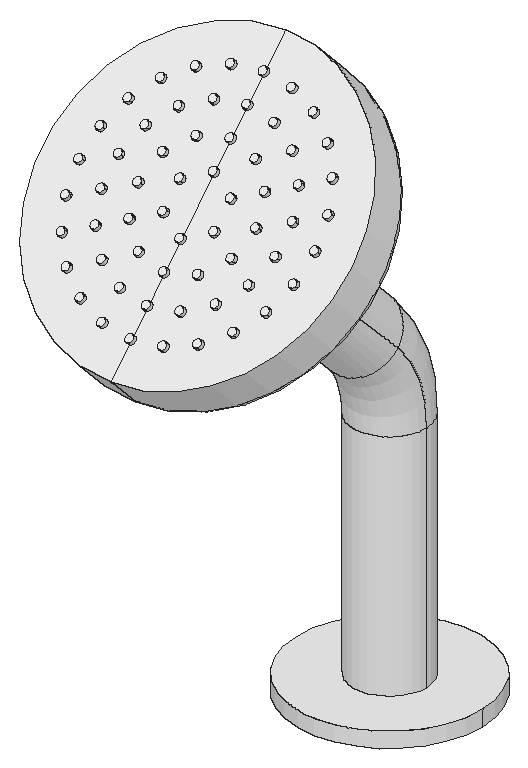
Revit family "CL10056-C3A_CLARK ROUND BASICS FIXED SHOWER", category Plumbing Fixtures, host Face, Revit 2015
Parameters (values of type "CLARK ROUND BASICS FIXED SHOWER")
  Waste Connection = no
  Vent Connection = no
  URL = "https://www.clark.com.au/"
  Model = "CL10056.C3A"
  Material_Base = GWA_Metal-Chrome
  Manufacturer = "GWA Bathrooms & Kitchens"  # constant formula
  HW Connection = no
  Description = "CLARK ROUND BASICS FIXED SHOWER"
  Default Elevation = 0 mm
  CreatedBy_ANZRS = "GWA Bathrooms & Kitchens"  # constant formula
  CW Connection = no
  Assembly Code = "D2010710"
Reference planes
  plane 1 "Center (Front/Back)": y = 0
  plane 2: z = 0
  plane 3 "Center (Left/Right)": x = 0
  plane 4 "nozzels": through (0, -41.861, 209.071) normal (0, 0.7071, -0.7071)
Forms (mm)
  Extrusion 1, solid, material "GWA_Metal-Chrome" <- "Material_Base"
    sketch origin (0, 0, 0) x (1, 0, 0) y (0, 1, 0)
      loop
        circle (0, 0) r 30
    from 0 to 5
  Sweep 2, solid, material "GWA_Metal-Chrome" <- "Material_Base"
    path origin (0, 0, 0) x (0, 1, 0) y (0, 0, 1)
      loop
        line (0, 5) -> (0, 79.931)
        arc (0, 79.931) -> (-3.045, 95.239) -> (-11.716, 108.216) r 40
        line (-11.716, 108.216) -> (-30.476, 126.976)
    profile origin (0, 0, 42.466) x (0, -1, 0) y (1, 0, 0)
      loop
        circle (0, 0) r 12
  Revolve 3, solid, material "GWA_Metal-Chrome" <- "Material_Base"
    sketch origin (0, 0, 0) x (0, 1, 0) y (0, 0, 1)
      loop
        line (-30.476, 126.976) -> (-22.698, 134.754) -> (-31.961, 144.018) -> (-33.729, 142.25) -> (-36.557, 145.078)
        arc (-36.557, 145.078) -> (-36.539, 147.696) -> (-37.025, 150.267) r 13.5
        line (-37.025, 150.267) -> (-45.396, 141.896) -> (-30.476, 126.976)
      axis (-45.396, 141.896) -> (-30.476, 126.976)
    angle from 0 to 360
  Revolve 4, solid, material "GWA_Metal-Chrome" <- "Material_Base"
    sketch origin (0, 0, 0) x (0, 1, 0) y (0, 0, 1)
      loop
        line (-45.396, 141.896) -> (-33.375, 153.917)
        arc (-33.375, 153.917) -> (-32.79, 155.331) -> (-33.375, 156.745) r 2
        line (-33.375, 156.745) -> (-46.723, 170.093)
        arc (-46.723, 170.093) -> (-47.298, 171.301) -> (-46.983, 172.601) r 2
        line (-46.983, 172.601) -> (-31.435, 196.398)
        arc (-31.435, 196.398) -> (-31.12, 197.698) -> (-31.695, 198.906) r 2
        line (-31.695, 198.906) -> (-41.861, 209.071) -> (-77.216, 173.716) -> (-45.396, 141.896)
      axis (-77.216, 173.716) -> (-45.396, 141.896)
    angle from 0 to 360
  Extrusion 5, solid, material "GWA_Metal-Chrome" <- "Material_Base"
    sketch origin (0, -118.749, 132.184) x (0, 0.707107, 0.707107) y (1, 0, 0)
      loop
        circle (68.236, 0) r 1.25
    from 0 to -1
  Extrusion 6, solid, material "GWA_Metal-Chrome" <- "Material_Base"
    sketch origin (0, -112.031, 138.901) x (0, 0.707107, 0.707107) y (1, 0, 0)
      loop
        circle (68.236, 0) r 1.25
    from 0 to -1
  Extrusion 7, solid, material "GWA_Metal-Chrome" <- "Material_Base"
    sketch origin (13.59, -103.619, 147.313) x (-0.34202, 0.664463, 0.664463) y (0.939693, 0.241845, 0.241845)
      loop
        circle (68.236, 0) r 1.25
    from 0 to -1
  Extrusion 8, solid, material "GWA_Metal-Chrome" <- "Material_Base"
    sketch origin (0, -98.596, 152.336) x (0, 0.707107, 0.707107) y (1, 0, 0)
      loop
        circle (68.236, 0) r 1.25
    from 0 to -1
  Extrusion 9, solid, material "GWA_Metal-Chrome" <- "Material_Base"
    sketch origin (50.867, -97.982, 152.95) x (-0.866025, 0.353553, 0.353553) y (0.5, 0.612372, 0.612372)
      loop
        circle (68.236, 0) r 1.25
    from 0 to -1
  Extrusion 10, solid, material "GWA_Metal-Chrome" <- "Material_Base"
    sketch origin (42.639, -94.624, 156.309) x (-0.866025, 0.353553, 0.353553) y (0.5, 0.612372, 0.612372)
      loop
        circle (68.236, 0) r 1.25
    from 0 to -1
  Extrusion 11, solid, material "GWA_Metal-Chrome" <- "Material_Base"
    sketch origin (39.132, -82.095, 168.837) x (-0.984808, 0.122788, 0.122788) y (0.173648, 0.696364, 0.696364)
      loop
        circle (68.236, 0) r 1.25
    from 0 to -1
  Extrusion 12, solid, material "GWA_Metal-Chrome" <- "Material_Base"
    sketch origin (26.185, -87.906, 163.026) x (-0.866025, 0.353553, 0.353553) y (0.5, 0.612372, 0.612372)
      loop
        circle (68.236, 0) r 1.25
    from 0 to -1
  Extrusion 13, solid, material "GWA_Metal-Chrome" <- "Material_Base"
    sketch origin (50.867, -56.45, 194.482) x (-0.866025, -0.353553, -0.353553) y (-0.5, 0.612372, 0.612372)
      loop
        circle (68.236, 0) r 1.25
    from 0 to -1
  Extrusion 14, solid, material "GWA_Metal-Chrome" <- "Material_Base"
    sketch origin (42.639, -59.809, 191.124) x (-0.866025, -0.353553, -0.353553) y (-0.5, 0.612372, 0.612372)
      loop
        circle (68.236, 0) r 1.25
    from 0 to -1
  Extrusion 15, solid, material "GWA_Metal-Chrome" <- "Material_Base"
    sketch origin (25.542, -55.692, 195.24) x (-0.642788, -0.541675, -0.541675) y (-0.766044, 0.454519, 0.454519)
      loop
        circle (68.236, 0) r 1.25
    from 0 to -1
  Extrusion 16, solid, material "GWA_Metal-Chrome" <- "Material_Base"
    sketch origin (26.185, -66.526, 184.406) x (-0.866025, -0.353553, -0.353553) y (-0.5, 0.612372, 0.612372)
      loop
        circle (68.236, 0) r 1.25
    from 0 to -1
  Extrusion 17, solid, material "GWA_Metal-Chrome" <- "Material_Base"
    sketch origin (0, -35.684, 215.249) x (0, -0.707107, -0.707107) y (-1, 0, 0)
      loop
        circle (68.236, 0) r 1.25
    from 0 to -1
  Extrusion 18, solid, material "GWA_Metal-Chrome" <- "Material_Base"
    sketch origin (0, -42.401, 208.531) x (0, -0.707107, -0.707107) y (-1, 0, 0)
      loop
        circle (68.236, 0) r 1.25
    from 0 to -1
  Extrusion 19, solid, material "GWA_Metal-Chrome" <- "Material_Base"
    sketch origin (-13.59, -50.813, 200.119) x (0.34202, -0.664463, -0.664463) y (-0.939693, -0.241845, -0.241845)
      loop
        circle (68.236, 0) r 1.25
    from 0 to -1
  Extrusion 20, solid, material "GWA_Metal-Chrome" <- "Material_Base"
    sketch origin (0, -55.836, 195.096) x (0, -0.707107, -0.707107) y (-1, 0, 0)
      loop
        circle (68.236, 0) r 1.25
    from 0 to -1
  Extrusion 21, solid, material "GWA_Metal-Chrome" <- "Material_Base"
    sketch origin (-50.867, -56.45, 194.482) x (0.866025, -0.353553, -0.353553) y (-0.5, -0.612372, -0.612372)
      loop
        circle (68.236, 0) r 1.25
    from 0 to -1
  Extrusion 22, solid, material "GWA_Metal-Chrome" <- "Material_Base"
    sketch origin (-42.639, -59.809, 191.124) x (0.866025, -0.353553, -0.353553) y (-0.5, -0.612372, -0.612372)
      loop
        circle (68.236, 0) r 1.25
    from 0 to -1
  Extrusion 23, solid, material "GWA_Metal-Chrome" <- "Material_Base"
    sketch origin (-39.132, -72.337, 178.595) x (0.984808, -0.122788, -0.122788) y (-0.173648, -0.696364, -0.696364)
      loop
        circle (68.236, 0) r 1.25
    from 0 to -1
  Extrusion 24, solid, material "GWA_Metal-Chrome" <- "Material_Base"
    sketch origin (-26.185, -66.526, 184.406) x (0.866025, -0.353553, -0.353553) y (-0.5, -0.612372, -0.612372)
      loop
        circle (68.236, 0) r 1.25
    from 0 to -1
  Extrusion 25, solid, material "GWA_Metal-Chrome" <- "Material_Base"
    sketch origin (-50.867, -97.982, 152.95) x (0.866025, 0.353553, 0.353553) y (0.5, -0.612372, -0.612372)
      loop
        circle (68.236, 0) r 1.25
    from 0 to -1
  Extrusion 26, solid, material "GWA_Metal-Chrome" <- "Material_Base"
    sketch origin (-42.639, -94.624, 156.309) x (0.866025, 0.353553, 0.353553) y (0.5, -0.612372, -0.612372)
      loop
        circle (68.236, 0) r 1.25
    from 0 to -1
  Extrusion 27, solid, material "GWA_Metal-Chrome" <- "Material_Base"
    sketch origin (-25.542, -98.74, 152.192) x (0.642788, 0.541675, 0.541675) y (0.766044, -0.454519, -0.454519)
      loop
        circle (68.236, 0) r 1.25
    from 0 to -1
  Extrusion 28, solid, material "GWA_Metal-Chrome" <- "Material_Base"
    sketch origin (-26.185, -87.906, 163.026) x (0.866025, 0.353553, 0.353553) y (0.5, -0.612372, -0.612372)
      loop
        circle (68.236, 0) r 1.25
    from 0 to -1
  Extrusion 29, solid, material "GWA_Metal-Chrome" <- "Material_Base"
    sketch origin (24.618, -107.367, 143.565) x (-0.5, 0.612372, 0.612372) y (0.866025, 0.353553, 0.353553)
      loop
        circle (68.236, 0) r 1.25
    from 0 to -1
  Extrusion 30, solid, material "GWA_Metal-Chrome" <- "Material_Base"
    sketch origin (49.236, -77.216, 173.716) x (-1, 0, 0) y (0, 0.707107, 0.707107)
      loop
        circle (68.236, 0) r 1.25
    from 0 to -1
  Extrusion 31, solid, material "GWA_Metal-Chrome" <- "Material_Base"
    sketch origin (24.618, -47.065, 203.867) x (-0.5, -0.612372, -0.612372) y (-0.866025, 0.353553, 0.353553)
      loop
        circle (68.236, 0) r 1.25
    from 0 to -1
  Extrusion 32, solid, material "GWA_Metal-Chrome" <- "Material_Base"
    sketch origin (-24.618, -47.065, 203.867) x (0.5, -0.612372, -0.612372) y (-0.866025, -0.353553, -0.353553)
      loop
        circle (68.236, 0) r 1.25
    from 0 to -1
  Extrusion 33, solid, material "GWA_Metal-Chrome" <- "Material_Base"
    sketch origin (-49.236, -77.216, 173.716) x (1, 0, 0) y (0, -0.707107, -0.707107)
      loop
        circle (68.236, 0) r 1.25
    from 0 to -1
  Extrusion 34, solid, material "GWA_Metal-Chrome" <- "Material_Base"
    sketch origin (-24.618, -107.367, 143.565) x (0.5, 0.612372, 0.612372) y (0.866025, -0.353553, -0.353553)
      loop
        circle (68.236, 0) r 1.25
    from 0 to -1
  Extrusion 35, solid, material "GWA_Metal-Chrome" <- "Material_Base"
    sketch origin (0, -105.314, 145.619) x (0, 0.707107, 0.707107) y (1, 0, 0)
      loop
        circle (68.236, 0) r 1.25
    from 0 to -1
  Extrusion 36, solid, material "GWA_Metal-Chrome" <- "Material_Base"
    sketch origin (34.412, -91.265, 159.667) x (-0.866025, 0.353553, 0.353553) y (0.5, 0.612372, 0.612372)
      loop
        circle (68.236, 0) r 1.25
    from 0 to -1
  Extrusion 37, solid, material "GWA_Metal-Chrome" <- "Material_Base"
    sketch origin (34.412, -63.167, 187.765) x (-0.866025, -0.353553, -0.353553) y (-0.5, 0.612372, 0.612372)
      loop
        circle (68.236, 0) r 1.25
    from 0 to -1
  Extrusion 38, solid, material "GWA_Metal-Chrome" <- "Material_Base"
    sketch origin (0, -49.119, 201.814) x (0, -0.707107, -0.707107) y (-1, 0, 0)
      loop
        circle (68.236, 0) r 1.25
    from 0 to -1
  Extrusion 39, solid, material "GWA_Metal-Chrome" <- "Material_Base"
    sketch origin (-34.412, -63.167, 187.765) x (0.866025, -0.353553, -0.353553) y (-0.5, -0.612372, -0.612372)
      loop
        circle (68.236, 0) r 1.25
    from 0 to -1
  Extrusion 40, solid, material "GWA_Metal-Chrome" <- "Material_Base"
    sketch origin (-34.412, -91.265, 159.667) x (0.866025, 0.353553, 0.353553) y (0.5, -0.612372, -0.612372)
      loop
        circle (68.236, 0) r 1.25
    from 0 to -1
  Extrusion 41, solid, material "GWA_Metal-Chrome" <- "Material_Base"
    sketch origin (25.542, -98.74, 152.192) x (-0.642788, 0.541675, 0.541675) y (0.766044, 0.454519, 0.454519)
      loop
        circle (68.236, 0) r 1.25
    from 0 to -1
  Extrusion 42, solid, material "GWA_Metal-Chrome" <- "Material_Base"
    sketch origin (39.132, -72.337, 178.595) x (-0.984808, -0.122788, -0.122788) y (-0.173648, 0.696364, 0.696364)
      loop
        circle (68.236, 0) r 1.25
    from 0 to -1
  Extrusion 43, solid, material "GWA_Metal-Chrome" <- "Material_Base"
    sketch origin (13.59, -50.813, 200.119) x (-0.34202, -0.664463, -0.664463) y (-0.939693, 0.241845, 0.241845)
      loop
        circle (68.236, 0) r 1.25
    from 0 to -1
  Extrusion 44, solid, material "GWA_Metal-Chrome" <- "Material_Base"
    sketch origin (-25.542, -55.692, 195.24) x (0.642788, -0.541675, -0.541675) y (-0.766044, -0.454519, -0.454519)
      loop
        circle (68.236, 0) r 1.25
    from 0 to -1
  Extrusion 45, solid, material "GWA_Metal-Chrome" <- "Material_Base"
    sketch origin (-39.132, -82.095, 168.837) x (0.984808, 0.122788, 0.122788) y (0.173648, -0.696364, -0.696364)
      loop
        circle (68.236, 0) r 1.25
    from 0 to -1
  Extrusion 46, solid, material "GWA_Metal-Chrome" <- "Material_Base"
    sketch origin (-13.59, -103.619, 147.313) x (0.34202, 0.664463, 0.664463) y (0.939693, -0.241845, -0.241845)
      loop
        circle (68.236, 0) r 1.25
    from 0 to -1
  Extrusion 47, solid, material "GWA_Metal-Chrome" <- "Material_Base"
    sketch origin (7.826, -97.867, 153.065) x (-0.258819, 0.683013, 0.683013) y (0.965926, 0.183013, 0.183013)
      loop
        circle (68.236, 0) r 1.25
    from 0 to -1
  Extrusion 48, solid, material "GWA_Metal-Chrome" <- "Material_Base"
    sketch origin (29.206, -82.75, 168.183) x (-0.965926, 0.183013, 0.183013) y (0.258819, 0.683013, 0.683013)
      loop
        circle (68.236, 0) r 1.25
    from 0 to -1
  Extrusion 49, solid, material "GWA_Metal-Chrome" <- "Material_Base"
    sketch origin (21.38, -62.098, 188.834) x (-0.707107, -0.5, -0.5) y (-0.707107, 0.5, 0.5)
      loop
        circle (68.236, 0) r 1.25
    from 0 to -1
  Extrusion 50, solid, material "GWA_Metal-Chrome" <- "Material_Base"
    sketch origin (-7.826, -56.565, 194.367) x (0.258819, -0.683013, -0.683013) y (-0.965926, -0.183013, -0.183013)
      loop
        circle (68.236, 0) r 1.25
    from 0 to -1
  Extrusion 51, solid, material "GWA_Metal-Chrome" <- "Material_Base"
    sketch origin (-29.206, -71.683, 179.25) x (0.965926, -0.183013, -0.183013) y (-0.258819, -0.683013, -0.683013)
      loop
        circle (68.236, 0) r 1.25
    from 0 to -1
  Extrusion 52, solid, material "GWA_Metal-Chrome" <- "Material_Base"
    sketch origin (-21.38, -92.334, 158.598) x (0.707107, 0.5, 0.5) y (0.707107, -0.5, -0.5)
      loop
        circle (68.236, 0) r 1.25
    from 0 to -1
  Extrusion 53, solid, material "GWA_Metal-Chrome" <- "Material_Base"
    sketch origin (15.118, -95.732, 155.2) x (-0.5, 0.612372, 0.612372) y (0.866025, 0.353553, 0.353553)
      loop
        circle (68.236, 0) r 1.25
    from 0 to -1
  Extrusion 54, solid, material "GWA_Metal-Chrome" <- "Material_Base"
    sketch origin (30.236, -77.216, 173.716) x (-1, 0, 0) y (0, 0.707107, 0.707107)
      loop
        circle (68.236, 0) r 1.25
    from 0 to -1
  Extrusion 55, solid, material "GWA_Metal-Chrome" <- "Material_Base"
    sketch origin (15.118, -58.7, 192.232) x (-0.5, -0.612372, -0.612372) y (-0.866025, 0.353553, 0.353553)
      loop
        circle (68.236, 0) r 1.25
    from 0 to -1
  Extrusion 56, solid, material "GWA_Metal-Chrome" <- "Material_Base"
    sketch origin (-15.118, -58.7, 192.232) x (0.5, -0.612372, -0.612372) y (-0.866025, -0.353553, -0.353553)
      loop
        circle (68.236, 0) r 1.25
    from 0 to -1
  Extrusion 57, solid, material "GWA_Metal-Chrome" <- "Material_Base"
    sketch origin (-30.236, -77.216, 173.716) x (1, 0, 0) y (0, -0.707107, -0.707107)
      loop
        circle (68.236, 0) r 1.25
    from 0 to -1
  Extrusion 58, solid, material "GWA_Metal-Chrome" <- "Material_Base"
    sketch origin (-15.118, -95.732, 155.2) x (0.5, 0.612372, 0.612372) y (0.866025, -0.353553, -0.353553)
      loop
        circle (68.236, 0) r 1.25
    from 0 to -1
  Extrusion 59, solid, material "GWA_Metal-Chrome" <- "Material_Base"
    sketch origin (21.38, -92.334, 158.598) x (-0.707107, 0.5, 0.5) y (0.707107, 0.5, 0.5)
      loop
        circle (68.236, 0) r 1.25
    from 0 to -1
  Extrusion 60, solid, material "GWA_Metal-Chrome" <- "Material_Base"
    sketch origin (29.206, -71.683, 179.25) x (-0.965926, -0.183013, -0.183013) y (-0.258819, 0.683013, 0.683013)
      loop
        circle (68.236, 0) r 1.25
    from 0 to -1
  Extrusion 61, solid, material "GWA_Metal-Chrome" <- "Material_Base"
    sketch origin (7.826, -56.565, 194.367) x (-0.258819, -0.683013, -0.683013) y (-0.965926, 0.183013, 0.183013)
      loop
        circle (68.236, 0) r 1.25
    from 0 to -1
  Extrusion 62, solid, material "GWA_Metal-Chrome" <- "Material_Base"
    sketch origin (-21.38, -62.098, 188.834) x (0.707107, -0.5, -0.5) y (-0.707107, -0.5, -0.5)
      loop
        circle (68.236, 0) r 1.25
    from 0 to -1
  Extrusion 63, solid, material "GWA_Metal-Chrome" <- "Material_Base"
    sketch origin (-29.206, -82.75, 168.183) x (0.965926, 0.183013, 0.183013) y (0.258819, -0.683013, -0.683013)
      loop
        circle (68.236, 0) r 1.25
    from 0 to -1
  Extrusion 64, solid, material "GWA_Metal-Chrome" <- "Material_Base"
    sketch origin (-7.826, -97.867, 153.065) x (0.258819, 0.683013, 0.683013) y (0.965926, -0.183013, -0.183013)
      loop
        circle (68.236, 0) r 1.25
    from 0 to -1
Lines and regions (mm)
  Masking region 1
    outline origin (-136.398, -174.275, 0) x (1, 0, 0) y (0, 1, 0)
      loop
        arc (166.398, 174.275) -> (136.398, 204.275) -> (106.398, 174.275) r 30
        arc (106.398, 174.275) -> (111.299, 157.844) -> (124.398, 146.78) r 30
        line (124.398, 146.78) -> (124.398, 143.799)
        spline (124.398, 143.799) -> (124.4, 143.661) -> (124.405, 143.523) -> (124.413, 143.385) -> (124.424, 143.248) -> (124.438, 143.11) -> (124.455, 142.973) -> (124.476, 142.836) -> (124.5, 142.699) -> (124.526, 142.563) -> (124.556, 142.426) -> (124.59, 142.291) -> (124.626, 142.155)
        spline (124.626, 142.155) -> (119.311, 141.002) -> (114.207, 139.432) -> (109.376, 137.465) -> (104.879, 135.125) -> (100.77, 132.441) -> (97.101, 129.446) -> (93.916, 126.177) -> (91.254, 122.675) -> (89.15, 118.982) -> (87.627, 115.144) -> (86.707, 111.209) -> (86.398, 107.224)
        line (86.398, 107.224) -> (86.398, 97.059)
        spline (86.398, 97.059) -> (86.826, 92.444) -> (88.102, 87.908) -> (90.204, 83.529) -> (93.097, 79.381) -> (96.731, 75.536) -> (101.043, 72.059) -> (105.96, 69.01) -> (111.398, 66.441) -> (117.264, 64.395) -> (123.457, 62.908) -> (129.872, 62.006) -> (136.398, 61.704)
        spline (136.398, 61.704) -> (142.925, 62.006) -> (149.339, 62.908) -> (155.533, 64.395) -> (161.398, 66.441) -> (166.836, 69.01) -> (171.754, 72.059) -> (176.066, 75.536) -> (179.7, 79.381) -> (182.592, 83.529) -> (184.695, 87.908) -> (185.971, 92.444) -> (186.398, 97.059)
        line (186.398, 97.059) -> (186.398, 107.224)
        spline (186.398, 107.224) -> (186.09, 111.209) -> (185.169, 115.144) -> (183.647, 118.982) -> (181.542, 122.675) -> (178.881, 126.177) -> (175.696, 129.446) -> (172.027, 132.441) -> (167.918, 135.125) -> (163.421, 137.465) -> (158.59, 139.432) -> (153.486, 141.002) -> (148.171, 142.155)
        spline (148.171, 142.155) -> (148.207, 142.291) -> (148.24, 142.426) -> (148.27, 142.563) -> (148.297, 142.699) -> (148.321, 142.836) -> (148.341, 142.973) -> (148.359, 143.11) -> (148.373, 143.248) -> (148.384, 143.385) -> (148.392, 143.523) -> (148.397, 143.661) -> (148.398, 143.799)
        line (148.398, 143.799) -> (148.398, 146.78)
        arc (148.398, 146.78) -> (161.498, 157.844) -> (166.398, 174.275) r 30
  Masking region 2
    outline origin (-150, 0, -1084.133) x (1, 0, 0) y (0, 0, 1)
      loop
        line (100, 1257.849) -> (100, 1247.684)
        spline (100, 1247.684) -> (100.308, 1243.693) -> (101.229, 1239.752) -> (102.75, 1235.909) -> (104.854, 1232.211) -> (107.514, 1228.703) -> (110.697, 1225.43) -> (114.365, 1222.43) -> (118.473, 1219.742) -> (122.968, 1217.398) -> (127.797, 1215.428) -> (132.899, 1213.855) -> (138.212, 1212.698)
        spline (138.212, 1212.698) -> (138.179, 1212.567) -> (138.148, 1212.436) -> (138.12, 1212.304) -> (138.095, 1212.172) -> (138.072, 1212.04) -> (138.053, 1211.907) -> (138.037, 1211.775) -> (138.024, 1211.642) -> (138.013, 1211.509) -> (138.006, 1211.375) -> (138.001, 1211.242) -> (138, 1211.109)
        line (138, 1211.109) -> (138, 1089.133) -> (120, 1089.133) -> (120, 1084.133) -> (180, 1084.133) -> (180, 1089.133) -> (162, 1089.133) -> (162, 1211.109)
        spline (162, 1211.109) -> (161.999, 1211.242) -> (161.994, 1211.375) -> (161.987, 1211.509) -> (161.976, 1211.642) -> (161.963, 1211.775) -> (161.947, 1211.907) -> (161.928, 1212.04) -> (161.905, 1212.172) -> (161.88, 1212.304) -> (161.852, 1212.436) -> (161.821, 1212.567) -> (161.788, 1212.698)
        spline (161.788, 1212.698) -> (167.101, 1213.855) -> (172.203, 1215.428) -> (177.032, 1217.398) -> (181.527, 1219.742) -> (185.635, 1222.43) -> (189.303, 1225.43) -> (192.486, 1228.703) -> (195.146, 1232.211) -> (197.25, 1235.909) -> (198.771, 1239.752) -> (199.692, 1243.693) -> (200, 1247.684)
        line (200, 1247.684) -> (200, 1257.849)
        spline (200, 1257.849) -> (199.572, 1262.464) -> (198.296, 1266.999) -> (196.194, 1271.379) -> (193.301, 1275.527) -> (189.668, 1279.372) -> (185.355, 1282.849) -> (180.438, 1285.898) -> (175, 1288.467) -> (169.134, 1290.513) -> (162.941, 1291.999) -> (156.526, 1292.902) -> (150, 1293.204)
        spline (150, 1293.204) -> (143.474, 1292.902) -> (137.059, 1291.999) -> (130.866, 1290.513) -> (125, 1288.467) -> (119.562, 1285.898) -> (114.645, 1282.849) -> (110.332, 1279.372) -> (106.699, 1275.527) -> (103.806, 1271.379) -> (101.704, 1266.999) -> (100.428, 1262.464) -> (100, 1257.849)
  Masking region 3
    outline origin (0, 150, -951.602) x (0, 1, 0) y (0, 0, 1)
      loop
        line (-191.861, 1160.674) -> (-262.571, 1089.963) -> (-252.406, 1079.798)
        arc (-252.406, 1079.798) -> (-251.198, 1079.223) -> (-249.898, 1079.538) r 2
        line (-249.898, 1079.538) -> (-226.101, 1095.085)
        arc (-226.101, 1095.085) -> (-224.801, 1095.4) -> (-223.593, 1094.825) r 2
        line (-223.593, 1094.825) -> (-210.245, 1081.478)
        arc (-210.245, 1081.478) -> (-208.831, 1080.892) -> (-207.417, 1081.478) r 2
        line (-207.417, 1081.478) -> (-203.779, 1085.116)
        arc (-203.779, 1085.116) -> (-201.201, 1084.634) -> (-198.578, 1084.66) r 13.5
        line (-198.578, 1084.66) -> (-195.75, 1081.831) -> (-197.518, 1080.064) -> (-188.254, 1070.8) -> (-188.962, 1070.093) -> (-170.201, 1051.333)
        arc (-170.201, 1051.333) -> (-164.131, 1042.249) -> (-162, 1031.534) r 28
        line (-162, 1031.534) -> (-162, 956.602) -> (-180, 956.602) -> (-180, 951.602) -> (-120, 951.602) -> (-120, 956.602) -> (-138, 956.602) -> (-138, 1031.534)
        arc (-138, 1031.534) -> (-141.958, 1051.433) -> (-153.23, 1068.303) r 52
        line (-153.23, 1068.303) -> (-171.991, 1087.064) -> (-172.698, 1086.357) -> (-181.961, 1095.62) -> (-183.729, 1093.852) -> (-186.557, 1096.681)
        arc (-186.557, 1096.681) -> (-186.539, 1099.298) -> (-187.025, 1101.87) r 13.5
        line (-187.025, 1101.87) -> (-183.375, 1105.519)
        arc (-183.375, 1105.519) -> (-182.79, 1106.934) -> (-183.375, 1108.348) r 2
        line (-183.375, 1108.348) -> (-196.723, 1121.695)
        arc (-196.723, 1121.695) -> (-197.298, 1122.903) -> (-196.983, 1124.203) r 2
        line (-196.983, 1124.203) -> (-181.435, 1148)
        arc (-181.435, 1148) -> (-181.12, 1149.301) -> (-181.695, 1150.508) r 2
        line (-181.695, 1150.508) -> (-191.861, 1160.674)
  symbolic lines
    curve 1: line (-12, 0, 5) -> (12, 0, 5)
    curve 2: arc (30, 0, 0) -> (0, 30, 0) -> (-30, 0, 0) r 30
    curve 3: arc (-30, 0, 0) -> (-25.1, -16.432, 0) -> (-12, -27.495, 0) r 30
    curve 4: arc (12, -27.495, 0) -> (25.1, -16.432, 0) -> (30, 0, 0) r 30
    curve 5: spline (11.37, -27.762, 0) -> (10.335, -26.164, 0) -> (8.856, -24.751, 0) -> (6.998, -23.583, 0) -> (4.839, -22.712, 0) -> (2.473, -22.173, 0) -> (0, -21.991, 0) -> (-2.473, -22.173, 0) -> (-4.839, -22.712, 0) -> (-6.998, -23.583, 0) -> (-8.856, -24.751, 0) -> (-10.335, -26.164, 0) -> (-11.37, -27.762, 0)
    curve 6: spline (0, -22.698, 0) -> (-1.436, -22.765, 0) -> (-2.847, -22.963, 0) -> (-4.21, -23.29, 0) -> (-5.5, -23.74, 0) -> (-6.696, -24.305, 0) -> (-7.778, -24.976, 0) -> (-8.727, -25.741, 0) -> (-9.526, -26.587, 0) -> (-10.163, -27.5, 0) -> (-10.625, -28.463, 0) -> (-10.906, -29.461, 0) -> (-11, -30.476, 0)
    curve 7: spline (11, -30.476, 0) -> (10.906, -29.461, 0) -> (10.625, -28.463, 0) -> (10.163, -27.5, 0) -> (9.526, -26.587, 0) -> (8.727, -25.741, 0) -> (7.778, -24.976, 0) -> (6.696, -24.305, 0) -> (5.5, -23.74, 0) -> (4.21, -23.29, 0) -> (2.847, -22.963, 0) -> (1.436, -22.765, 0) -> (0, -22.698, 0)
    curve 8: spline (0, -112.571, 0) -> (12.941, -111.367, 0) -> (25, -107.835, 0) -> (35.355, -102.216, 0) -> (43.301, -94.894, 0) -> (48.296, -86.367, 0) -> (50, -77.216, 0) -> (48.296, -68.065, 0) -> (43.301, -59.538, 0) -> (35.355, -52.216, 0) -> (25, -46.597, 0) -> (12.941, -43.065, 0) -> (0, -41.861, 0)
    curve 9: spline (0, -41.861, 0) -> (-12.941, -43.065, 0) -> (-25, -46.597, 0) -> (-35.355, -52.216, 0) -> (-43.301, -59.538, 0) -> (-48.296, -68.065, 0) -> (-50, -77.216, 0) -> (-48.296, -86.367, 0) -> (-43.301, -94.894, 0) -> (-35.355, -102.216, 0) -> (-25, -107.835, 0) -> (-12.941, -111.367, 0) -> (0, -112.571, 0)
    curve 10: line (-50, -67.051, 0) -> (-50, -77.216, 0)
    curve 11: line (50, -77.216, 0) -> (50, -67.051, 0)
    curve 12: spline (-50, -67.051, 0) -> (-48.296, -57.749, 0) -> (-43.301, -49.08, 0) -> (-35.355, -41.637, 0) -> (-25, -35.925, 0) -> (-12.941, -32.334, 0) -> (0, -31.11, 0) -> (12.941, -32.334, 0) -> (25, -35.925, 0) -> (35.355, -41.637, 0) -> (43.301, -49.08, 0) -> (48.296, -57.749, 0) -> (50, -67.051, 0)
    curve 13: arc (-12, 0, 0) -> (0, 12, 0) -> (12, 0, 0) r 12
    curve 14: line (12, 0, 0) -> (12, -30.476, 0)
    curve 15: line (-12, 0, 0) -> (-12, -30.476, 0)
    curve 16: line (-11, -30.476, 0) -> (-11, -31.99, 0)
    curve 17: line (11, -30.476, 0) -> (11, -31.99, 0)
    curve 18: spline (-11.773, -32.12, 0) -> (-11.941, -29.635, 0) -> (-11.082, -27.222, 0) -> (-9.271, -25.089, 0) -> (-6.662, -23.419, 0) -> (-3.481, -22.356, 0) -> (0, -21.991, 0) -> (3.481, -22.356, 0) -> (6.662, -23.419, 0) -> (9.271, -25.089, 0) -> (11.082, -27.222, 0) -> (11.941, -29.635, 0) -> (11.773, -32.12, 0)
    curve 19: spline (19, 0, 156.658) -> (18.353, 0, 159.246) -> (16.454, 0, 161.658) -> (13.435, 0, 163.729) -> (9.5, 0, 165.318) -> (4.918, 0, 166.317) -> (0, 0, 166.658) -> (-4.918, 0, 166.317) -> (-9.5, 0, 165.318) -> (-13.435, 0, 163.729) -> (-16.454, 0, 161.658) -> (-18.353, 0, 159.246) -> (-19, 0, 156.658)
    curve 20: line (-19, 0, 156.658) -> (-19, 0, 143.31)
    curve 21: spline (0, 0, 209.071) -> (6.526, 0, 208.769) -> (12.941, 0, 207.867) -> (19.134, 0, 206.38) -> (25, 0, 204.335) -> (30.438, 0, 201.765) -> (35.355, 0, 198.716) -> (39.668, 0, 195.239) -> (43.301, 0, 191.394) -> (46.194, 0, 187.246) -> (48.296, 0, 182.867) -> (49.572, 0, 178.331) -> (50, 0, 173.716)
    curve 22: spline (-50, 0, 173.716) -> (-49.572, 0, 178.331) -> (-48.296, 0, 182.867) -> (-46.194, 0, 187.246) -> (-43.301, 0, 191.394) -> (-39.668, 0, 195.239) -> (-35.355, 0, 198.716) -> (-30.438, 0, 201.765) -> (-25, 0, 204.335) -> (-19.134, 0, 206.38) -> (-12.941, 0, 207.867) -> (-6.526, 0, 208.769) -> (0, 0, 209.071)
    curve 23: line (-50, 0, 163.551) -> (-50, 0, 173.716)
    curve 24: line (50, 0, 173.716) -> (50, 0, 163.551)
    curve 25: line (12, 0, 126.976) -> (12, 0, 5)
    curve 26: line (-12, 0, 5) -> (-12, 0, 126.976)
    curve 27: spline (-12, 0, 126.976) -> (-11.591, 0, 129.172) -> (-10.392, 0, 131.219) -> (-8.485, 0, 132.976) -> (-6, 0, 134.325) -> (-3.106, 0, 135.172) -> (0, 0, 135.462) -> (3.106, 0, 135.172) -> (6, 0, 134.325) -> (8.485, 0, 132.976) -> (10.392, 0, 131.219) -> (11.591, 0, 129.172) -> (12, 0, 126.976)
    curve 28: spline (-11, 0, 136.239) -> (-10.906, 0, 137.255) -> (-10.625, 0, 138.253) -> (-10.163, 0, 139.216) -> (-9.526, 0, 140.128) -> (-8.727, 0, 140.974) -> (-7.778, 0, 141.739) -> (-6.696, 0, 142.41) -> (-5.5, 0, 142.975) -> (-4.21, 0, 143.425) -> (-2.847, 0, 143.753) -> (-1.436, 0, 143.951) -> (0, 0, 144.018)
    curve 29: spline (-10.637, 0, 138.221) -> (-11.359, 0, 139.537) -> (-11.758, 0, 140.92) -> (-11.823, 0, 142.33) -> (-11.552, 0, 143.728) -> (-10.952, 0, 145.074) -> (-10.042, 0, 146.33) -> (-8.846, 0, 147.46) -> (-7.399, 0, 148.431) -> (-5.741, 0, 149.217) -> (-3.921, 0, 149.795) -> (-1.989, 0, 150.149) -> (0, 0, 150.267)
    curve 30: spline (0, 0, 150.267) -> (1.989, 0, 150.149) -> (3.921, 0, 149.795) -> (5.741, 0, 149.217) -> (7.399, 0, 148.431) -> (8.846, 0, 147.46) -> (10.042, 0, 146.33) -> (10.952, 0, 145.074) -> (11.552, 0, 143.728) -> (11.823, 0, 142.33) -> (11.758, 0, 140.92) -> (11.359, 0, 139.537) -> (10.637, 0, 138.221)
    curve 31: spline (0, 0, 144.018) -> (1.436, 0, 143.951) -> (2.847, 0, 143.753) -> (4.21, 0, 143.425) -> (5.5, 0, 142.975) -> (6.696, 0, 142.41) -> (7.778, 0, 141.739) -> (8.727, 0, 140.974) -> (9.526, 0, 140.128) -> (10.163, 0, 139.216) -> (10.625, 0, 138.253) -> (10.906, 0, 137.255) -> (11, 0, 136.239)
    curve 32: spline (-7.449, 0, 141.963) -> (-6.606, 0, 142.85) -> (-5.555, 0, 143.617) -> (-4.327, 0, 144.241) -> (-2.963, 0, 144.701) -> (-1.505, 0, 144.983) -> (0, 0, 145.078) -> (1.505, 0, 144.983) -> (2.963, 0, 144.701) -> (4.327, 0, 144.241) -> (5.555, 0, 143.617) -> (6.606, 0, 142.85) -> (7.449, 0, 141.963)
    curve 33: spline (-7.449, 0, 141.963) -> (-7.056, 0, 142.419) -> (-6.606, 0, 142.85) -> (-6.105, 0, 143.25) -> (-5.555, 0, 143.617) -> (-4.961, 0, 143.948) -> (-4.327, 0, 144.241) -> (-3.66, 0, 144.493) -> (-2.963, 0, 144.701) -> (-2.243, 0, 144.865) -> (-1.505, 0, 144.983) -> (-0.756, 0, 145.054) -> (0, 0, 145.078)
    curve 34: line (11, 0, 136.239) -> (11, 0, 130.367)
    curve 35: line (-11, 0, 130.367) -> (-11, 0, 136.239)
    curve 36: spline (-19, 0, 143.31) -> (-18.94, 0, 142.199) -> (-18.761, 0, 141.094) -> (-18.463, 0, 140.003) -> (-18.049, 0, 138.933) -> (-17.521, 0, 137.89) -> (-16.882, 0, 136.882) -> (-16.137, 0, 135.915) -> (-15.29, 0, 134.994) -> (-14.347, 0, 134.125) -> (-13.313, 0, 133.314) -> (-12.195, 0, 132.567) -> (-11, 0, 131.887)
    curve 37: line (19, 0, 156.658) -> (19, 0, 143.31)
    curve 38: spline (11, 0, 131.887) -> (12.195, 0, 132.567) -> (13.313, 0, 133.314) -> (14.347, 0, 134.125) -> (15.29, 0, 134.994) -> (16.137, 0, 135.915) -> (16.882, 0, 136.882) -> (17.521, 0, 137.89) -> (18.049, 0, 138.933) -> (18.463, 0, 140.003) -> (18.761, 0, 141.094) -> (18.94, 0, 142.199) -> (19, 0, 143.31)
    curve 39: line (30, 0, 0) -> (30, 0, 5)
    curve 40: line (30, 0, 5) -> (-30, 0, 5)
    curve 41: line (-30, 0, 5) -> (-30, 0, 0)
    curve 42: line (-30, 0, 0) -> (30, 0, 0)
    curve 43: spline (50, 0, 163.551) -> (49.692, 0, 159.561) -> (48.771, 0, 155.62) -> (47.25, 0, 151.776) -> (45.146, 0, 148.078) -> (42.486, 0, 144.571) -> (39.303, 0, 141.297) -> (35.635, 0, 138.298) -> (31.527, 0, 135.609) -> (27.032, 0, 133.266) -> (22.203, 0, 131.295) -> (17.101, 0, 129.722) -> (11.788, 0, 128.566)
    curve 44: spline (-11.788, 0, 128.566) -> (-17.101, 0, 129.722) -> (-22.203, 0, 131.295) -> (-27.032, 0, 133.266) -> (-31.527, 0, 135.609) -> (-35.635, 0, 138.298) -> (-39.303, 0, 141.297) -> (-42.486, 0, 144.571) -> (-45.146, 0, 148.078) -> (-47.25, 0, 151.776) -> (-48.771, 0, 155.62) -> (-49.692, 0, 159.561) -> (-50, 0, 163.551)
    curve 45: spline (50, 0, 163.551) -> (48.296, 0, 172.609) -> (43.301, 0, 181.051) -> (35.355, 0, 188.3) -> (25, 0, 193.862) -> (12.941, 0, 197.358) -> (0, 0, 198.551) -> (-12.941, 0, 197.358) -> (-25, 0, 193.862) -> (-35.355, 0, 188.3) -> (-43.301, 0, 181.051) -> (-48.296, 0, 172.609) -> (-50, 0, 163.551)
    curve 46: line (0, -112.571, 138.361) -> (0, -41.861, 209.071)
    curve 47: line (0, -41.861, 209.071) -> (0, -31.695, 198.906)
    curve 48: line (0, -31.435, 196.398) -> (0, -46.983, 172.601)
    curve 49: line (0, -46.723, 170.093) -> (0, -33.375, 156.745)
    curve 50: line (0, -22.698, 134.754) -> (0, -31.961, 144.018)
    curve 51: line (0, -31.961, 144.018) -> (0, -47.518, 128.461)
    curve 52: line (0, -33.729, 142.25) -> (0, -36.557, 145.078)
    curve 53: line (0, -36.557, 145.078) -> (0, -48.578, 133.057)
    curve 54: line (0, -3.23, 116.701) -> (0, -21.991, 135.462)
    curve 55: line (0, 12, 5) -> (0, 12, 79.931)
    curve 56: line (0, -12, 79.931) -> (0, -12, 5)
    curve 57: line (0, -38.962, 118.491) -> (0, -20.201, 99.73)
    curve 58: line (0, 0, 5) -> (0, -30, 5)
    curve 59: line (0, 30, 5) -> (0, 0, 5)
    curve 60: line (0, 30, 0) -> (0, 30, 5)
    curve 61: line (0, -30, 5) -> (0, -30, 0)
    curve 62: arc (0, -20.201, 99.73) -> (0, -14.131, 90.647) -> (0, -12, 79.931) r 28
    curve 63: arc (0, -3.23, 116.701) -> (0, 8.042, 99.831) -> (0, 12, 79.931) r 52
    curve 64: line (0, -38.962, 118.491) -> (0, -21.991, 135.462)
    curve 65: line (0, -38.254, 119.198) -> (0, -47.518, 128.461)
    curve 66: line (0, -45.75, 130.229) -> (0, -48.578, 133.057)
    curve 67: arc (0, -53.779, 133.514) -> (0, -51.201, 133.032) -> (0, -48.578, 133.057) r 13.5
    curve 68: arc (0, -37.025, 150.267) -> (0, -36.539, 147.696) -> (0, -36.557, 145.078) r 13.5
    curve 69: line (0, -33.375, 153.917) -> (0, -57.417, 129.875)
    curve 70: line (0, -60.245, 129.875) -> (0, -73.593, 143.223)
    curve 71: line (0, -76.101, 143.483) -> (0, -99.898, 127.935)
    curve 72: line (0, -102.406, 128.195) -> (0, -112.571, 138.361)
    curve 73: arc (0, -102.406, 128.195) -> (0, -101.198, 127.62) -> (0, -99.898, 127.935) r 2
    curve 74: arc (0, -76.101, 143.483) -> (0, -74.801, 143.798) -> (0, -73.593, 143.223) r 2
    curve 75: arc (0, -60.245, 129.875) -> (0, -58.831, 129.29) -> (0, -57.417, 129.875) r 2
    curve 76: arc (0, -33.375, 153.917) -> (0, -32.79, 155.331) -> (0, -33.375, 156.745) r 2
    curve 77: arc (0, -46.723, 170.093) -> (0, -47.298, 171.301) -> (0, -46.983, 172.601) r 2
    curve 78: arc (0, -31.435, 196.398) -> (0, -31.12, 197.698) -> (0, -31.695, 198.906) r 2
    curve 79: line (0, -31.695, 198.906) -> (0, -102.406, 128.195)
Dimensions and locks
  aligned and locked: plane 2 to host face
  aligned and locked: level to host face
